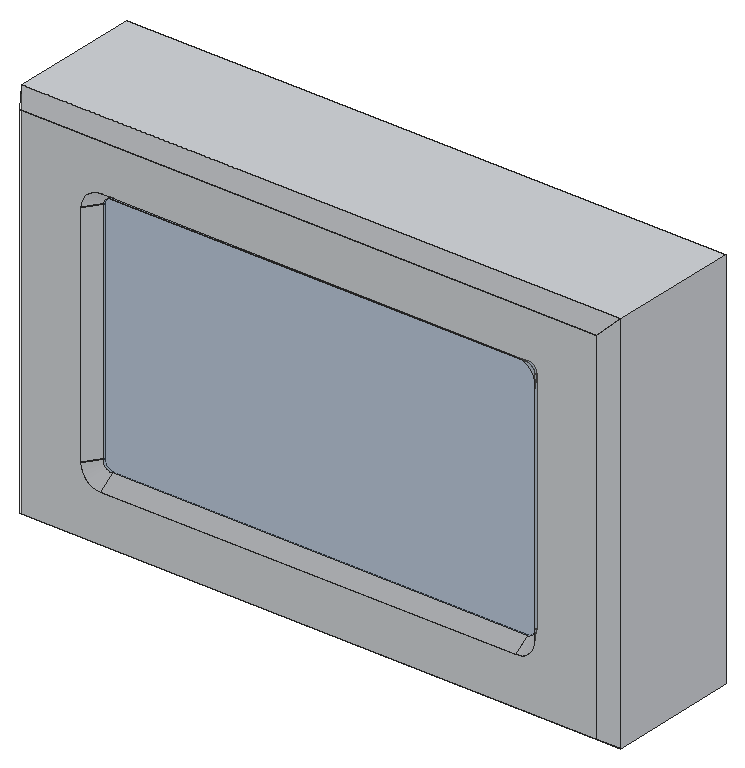
Revit family "STS-479_RV17_LOD400", category Электрооборудование, Revit 2017
Family settings
  Конфигурация панели = Два столбца, слева направо
  Размер круглого соединителя = Использовать диаметр
  Тип детали = Щит
  На основе рабочей плоскости = Нет
  Всегда вертикально = Да
  При загрузке вырезать с полостями = Нет
  Общий = Нет
  Точка расчета площади = Нет
Parameters (values of type "STS-479")
  Смещение УГО_Y [instance] = 0 mm
  Смещение УГО_X [instance] = 0 mm
  Разрешение экрана, пикс = "1024х600"
  Раздел проекта [instance] = ""
  Раздел Спецификации [instance] = ""
  Напряжение = "12"
  Максимальный потребляемый ток, не более, А = 1.5
  Количество абонентов, до, шт. = 50
  Диапазон рабочих температур, ˚С = "от + 1 до + 40\r\nОт + 1 до + 40"
  Диагональ экрана = "7”"
  Видимость УГО [instance] = yes
  В_Смещение_УГО_Y [instance] = Смещение УГО_Y + 2000 mm  # 2000 mm
  В_Смещение_УГО_X [instance] = Смещение УГО_X + 2000 mm  # 2000 mm
  d_короба [instance] = 20 mm
  ADSK_Размер_Длина = 215 mm
  ADSK_Размер_Глубина = 53 mm
  ADSK_Размер_Высота = 138 mm
  ADSK_Примечание = ""
  ADSK_Наименование = "Пульт управления STS-479"
  ADSK_Масса = 1
  ADSK_Марка = "CТВФ.426484.072"
  ADSK_Количество = 1
  ADSK_Завод-изготовитель = "ООО «Основа Безопасности»"  # constant formula
  ADSK_Единица измерения = "шт."  # constant formula
  ADSK_URL страницы изделия = "https://stilsoft.ru/products/sts-479"
  ADSK_URL документации изделия = ""
Reference planes
  plane 1 "По центру (Вперед/Назад)": y = 0
  plane 2: z = 0
  plane 3 "По центру (Влево/Вправо)": x = 0
  plane 4: x = 107.5
  plane 5: x = -107.5
  plane 6: z = 138
  plane 7: y = -53
  plane 8: z = 4
  plane 9: y = 2000
  plane 10: x = -2000
  plane 11: x = 0
  plane 12: y = 0
Forms (mm)
  Extrusion 1, solid, detail levels medium+fine
    sketch origin (0, 0, 0) x (1, 0, 0) y (0, 0, 1)
      loop
        line (-107.5, 138) -> (-107.5, 0) -> (107.5, 0) -> (107.5, 138) -> (-107.5, 138)
    from 0 to 47
  Extrusion 2, solid, material "Стекло", detail levels medium+fine
    sketch origin (0, 0, 0) x (1, 0, 0) y (0, 0, 1)
      loop
        arc (-74.5, 113) -> (-76.621, 112.121) -> (-77.5, 110) r 3
        line (-77.5, 110) -> (-77.5, 28)
        arc (-77.5, 28) -> (-76.621, 25.879) -> (-74.5, 25) r 3
        line (-74.5, 25) -> (74.5, 25)
        arc (74.5, 25) -> (76.621, 25.879) -> (77.5, 28) r 3
        line (77.5, 28) -> (77.5, 110)
        arc (77.5, 110) -> (76.621, 112.121) -> (74.5, 113) r 3
        line (74.5, 113) -> (-74.5, 113)
    from 47 to 48
  Blend 3, solid, material "Источник света по умолчанию", detail levels medium+fine
    base sketch origin (0, 0, 0) x (1, 0, 0) y (0, 0, 1)
      loop
        line (-107.5, 138) -> (-107.5, 0) -> (107.5, 0) -> (107.5, 138) -> (-107.5, 138)
    top sketch origin (0, 0, 0) x (1, 0, 0) y (0, 0, 1)
      loop
        line (-103.5, 134) -> (-103.5, 4) -> (103.5, 4) -> (103.5, 134) -> (-103.5, 134)
    from 47 to 53
  Blend 4, void
    base sketch origin (0, 0, 0) x (1, 0, 0) y (0, 0, 1)
      loop
        arc (-74.5, 113) -> (-76.621, 112.121) -> (-77.5, 110) r 3
        line (-77.5, 110) -> (-77.5, 28)
        arc (-77.5, 28) -> (-76.621, 25.879) -> (-74.5, 25) r 3
        line (-74.5, 25) -> (74.5, 25)
        arc (74.5, 25) -> (76.621, 25.879) -> (77.5, 28) r 3
        line (77.5, 28) -> (77.5, 110)
        arc (77.5, 110) -> (76.621, 112.121) -> (74.5, 113) r 3
        line (74.5, 113) -> (-74.5, 113)
    top sketch origin (0, 0, 0) x (1, 0, 0) y (0, 0, 1)
      loop
        line (74.5, 117) -> (-74.5, 117)
        arc (-74.5, 117) -> (-79.45, 114.95) -> (-81.5, 110) r 7
        line (-81.5, 110) -> (-81.5, 28)
        arc (-81.5, 28) -> (-79.45, 23.05) -> (-74.5, 21) r 7
        line (-74.5, 21) -> (74.5, 21)
        arc (74.5, 21) -> (79.45, 23.05) -> (81.5, 28) r 7
        line (81.5, 28) -> (81.5, 108) -> (81.5, 110)
        arc (81.5, 110) -> (79.45, 114.95) -> (74.5, 117) r 7
    from 47 to 53
Cuts and joins
  Blend 4 cuts Blend 3
Dimensions and locks
  plane 8 to Extrusion 1 = 4 mm
  locked: plane 9 to plane 1 "По центру (Вперед/Назад)" at 2000
  locked: plane 10 to plane 3 "По центру (Влево/Вправо)" at 2000
  "В_Смещение_УГО_X": plane 10 to plane 11
  "В_Смещение_УГО_Y": plane 9 to plane 12
  "ADSK_Размер_Длина": plane 5 to plane 4
  "ADSK_Размер_Глубина": plane 7 to plane 1 "По центру (Вперед/Назад)"
  "ADSK_Размер_Высота": plane 6 to level
  aligned and locked: level to plane 2
  aligned and locked: nested 1 to plane 12
  aligned and locked: plane 11 to nested 1
Automatic sketch dimensions
  Extrusion 1 sketch curve to level = 0 mm
  plane 5 to Extrusion 1 sketch curve = 0 mm
  Extrusion 1 sketch curve to plane 4 = 0 mm
  Extrusion 1 sketch curve to plane 6 = 0 mm
  Extrusion 2 sketch curve to plane 5 = 30 mm
  Extrusion 2 sketch curve to Extrusion 2 sketch curve = 3 mm  (x4)
  Extrusion 2 sketch curve to plane 4 = 33 mm  (x2)
  Extrusion 2 sketch curve to Extrusion 2 sketch curve = 0 mm
  Blend 3 sketch curve to level = 0 mm
  plane 5 to Blend 3 sketch curve = 0 mm
  Blend 3 sketch curve to plane 4 = 0 mm
  Blend 3 sketch curve to plane 6 = 0 mm
  Blend 3 sketch curve to plane 8 = 0 mm
  Blend 3 sketch curve to plane 5 = 4 mm
  Blend 3 sketch curve to plane 4 = 4 mm
  Blend 4 sketch curve to plane 5 = 30 mm
  Blend 4 sketch curve to Blend 4 sketch curve = 3 mm  (x3)
  Blend 4 sketch curve to plane 4 = 33 mm  (x4)
  Blend 4 sketch curve to plane 5 = 26 mm
  Blend 4 sketch curve to Blend 4 sketch curve = 7 mm  (x3)
  Blend 4 sketch curve to Blend 4 sketch curve = 2 mm
  Blend 3 sketch curve to plane 6 = 4 mm
  Extrusion 2 sketch curve to plane 6 = 28 mm
  Blend 4 sketch curve to plane 6 = 28 mm
  Blend 4 sketch curve to plane 6 = 30 mm
  plane 8 to Extrusion 2 sketch curve = 24 mm
  plane 8 to Blend 4 sketch curve = 24 mm  (x2)
Nested families
  nested 1: "УГО_Пульт управления" at (0, 0, 0), visible <- "Видимость УГО", type "УГО_Пульт управления", detail levels coarse
Connectors
  electrical at (0, 0, 69)
    settings: on Extrusion 1, index 1, voltage 0 V, apparent load 0 VA, apparent load phase1 0 VA, apparent load phase2 0 VA, apparent load phase3 0 VA, power factor 1, load classification "Прочее", number of poles 1, system type 31, power factor state 1, is connector primary yes, connector utility no, sub classification motor no, connector description ""
  cabletrayconduit at (0, 0, 69), diameter 20, driven by "d_короба"
    settings: on Extrusion 1, index 2, connector width 300 mm, connector height 300 mm, connector angle 0.00°, system type 32, placement type 0, profile type 0, connector reference index -1, is primary connector yes, connector utility param no, connector description ""
Definition of nested family "УГО_Пульт управления"
  Reference planes
    plane 1: y = 0
    plane 2: x = 0
  Lines and regions (mm)
    detail lines
      curve 1: line (0, 0, 0) -> (5, 0, 0)
      curve 2: line (5, 0, 0) -> (5, -4, 0)
      curve 3: line (5, -4, 0) -> (-5, -4, 0)
      curve 4: line (-5, -4, 0) -> (-5, 0, 0)
      curve 5: line (-5, 0, 0) -> (0, 0, 0)
      curve 6: line (-3.973, -0.533, 0) -> (4.056, -0.533, 0)
      curve 7: line (-3.973, -0.533, 0) -> (-3.973, -3.538, 0)
      curve 8: line (-3.973, -3.538, 0) -> (4.056, -3.538, 0)
      curve 9: line (4.056, -3.538, 0) -> (4.056, -0.533, 0)
      curve 10: line (-3.973, -1.125, 0) -> (4.056, -1.125, 0)
      curve 11: line (-3.973, -2.946, 0) -> (4.056, -2.946, 0)
